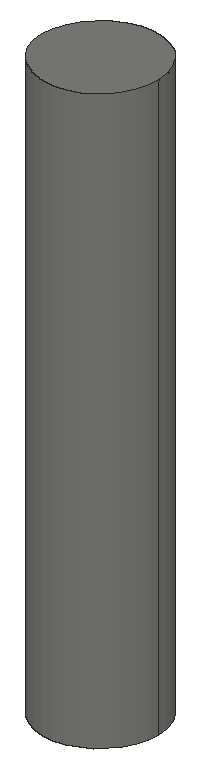
Revit family "Concrete - Round (column)", category Structural Columns, Revit 2022
Family settings
  Display in Hidden Views = Edges Hidden by Other Members
  Section Shape = Not Defined
  Material for Model Behavior = Concrete
  Always export as geometry = No
  Beam cutback in plan = From geometry
  Cut with Voids When Loaded = No
  Symbolic Representation = From Family
  Shared = No
  Show family pre-cut in plan views = Yes
Parameters (values of type "Concrete - Round (column)")
  d = 200 mm
  Structural Material = Concrete
  Creator Organization [instance] = "© Danish Educational Content"  # constant formula
  Creator Name [instance] = "© Erik Falck Jørgensen"  # constant formula
  Creator Build [instance] = "2018.0420.0"  # constant formula
Reference planes
  plane 1 "Center (Front/Back)": y = 0
  plane 2: z = 0
  plane 3 "Center (Left/Right)": x = 0
  plane 4: x = -100
  plane 5: x = 100
  plane 6: y = 100
  plane 7: y = -100
Forms (mm)
  Extrusion 1, solid, material "Concrete" <- "Structural Material"
    sketch origin (0, 0, 0) x (1, 0, 0) y (0, 1, 0)
      loop
        circle (0, 0) r 100
    from 0 to 1000
Dimensions and locks
  equal spacing: plane 4, plane 3 "Center (Left/Right)", plane 5
  equal spacing: plane 7, plane 1 "Center (Front/Back)", plane 6
  "d": plane 7 to plane 6
  "d": plane 4 to plane 5
  aligned and locked: level to Extrusion 1
  aligned and locked: level to plane 2
  aligned and locked: Extrusion 1 to plane 2
Automatic sketch dimensions
  Extrusion 1 sketch curve to plane 1 "Center (Front/Back)" = 0 mm
  Extrusion 1 sketch curve to plane 4 = 0 mm
  Extrusion 1 sketch curve to plane 3 "Center (Left/Right)" = 0 mm
